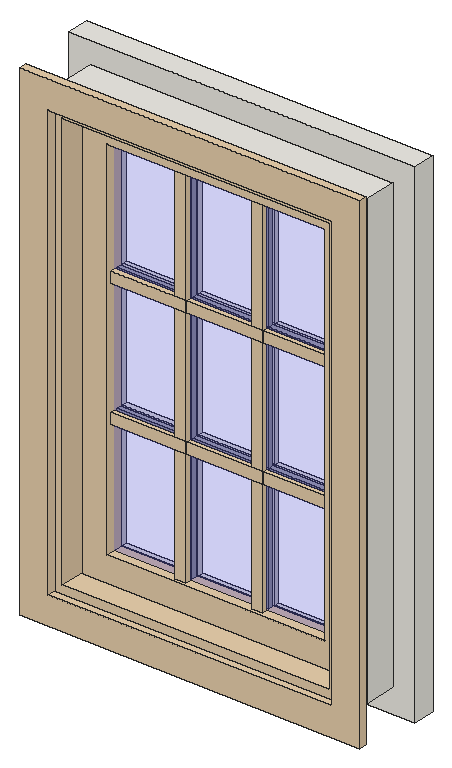
Revit family "Window-Double_Hung_Transom-Andersen-400_Series redo 3", category Windows, host Wall, Revit 2013
Parameters
  Visual Light Transmittance = 0.49  # constant formula
  Thermal Resistance (R) = 0.67802  # 3.8500 (h·ft²·°F)/BTU
  TFL = if(Fractional Lights High > 5, 3, if(or(Fractional Lights High = 4, Fractional Lights High = 5), 2, if(or(Fractional Lights High = 2, Fractional Lights High = 3), 1, 1)))  # 1
  TFB = TFL - 1  # 0
  Solar Heat Gain Coefficient = 0.21  # constant formula
  Learn About These Parameters = "http://www.andersenwindows.com/for-professionals/cad-symbols-bim-support-window-doors/bim-support"
  LWide = if(Enter Pattern Number = 3, 3, if(Enter Pattern Number = 1, . . Lights Wide, Fractional Lights Wide))  # 3
  Heat Transfer Coefficient (U) = 1.4763  # 0.2600 BTU/(h·ft²·°F)
  Glazing Material = Glass ‐ Andersen - Low-E4 SmartSun
  Fractional Lights Wide = 7
  Fractional Lights High = 3
  Exterior Unit Finish = Vinyl - Andersen - White
  Available Grille Bar Sizes = "3/4'', 7/8'', 1 1/8'', 2 1/4''"  # constant formula
  Between Glass Grille Bar Sizes = "3/4'', 1''"  # constant formula
  Interior Casing = yes
  Grille Bar Size = 0' - 0 7/8"
  Enter Pattern Number = 1
  Analytic Construction = "<None>"
  ..Pattern Number 1 = "Colonial"  # constant formula
  . . Lights Wide = 3
  . . Lights High = 3
  ..Pattern Number 2 = "Modified Colonial"  # constant formula
  ..Pattern Number 3 = "Prairie"  # constant formula
  ..Pattern Number 4 = "Short Fractional"  # constant formula
  ..Pattern Number 5 = "Tall Fractional"  # constant formula
  Extension Jamb = yes
  Enter Exterior Trim Number = 1
  ..Exterior Trim Number 0 = "No Exterior Trim"  # constant formula
  ..Exterior Trim Number 1 = "Brick Mould"  # constant formula
  ..Exterior Trim Number 2 = "3 1/2'' Flat Casing"  # constant formula
  ..Exterior Trim Number 3 = "4 1/2'' Flat Casing"  # constant formula
  Interior Grille Bar = yes
  Exterior Grille Bar = yes
  Between Glass Grille Bar = yes
  xjamb Visibility [instance] = and(Wall Depth > 0' 4 9/16", Extension Jamb)  # no
  xjamb S1 [instance] = if(Wall Depth > 0' 4 9/16", Wall Depth - 0' 4 9/16", 0' 3")  # 0' - 3"
  sill nose1 = 0' - 1 13/16"  # constant formula
  sill nose 2 = 0' - 1 15/16"  # constant formula
  casingS2 = if(Enter Exterior Trim Number = 1, 0' 0 3/16", 0' 0 3/16")  # 0' - 0 3/16"
  casingS1 = if(Enter Exterior Trim Number = 1, 0' 0 7/16", 0' 0 3/16")  # 0' - 0 7/16"
  casing4 = if(Enter Exterior Trim Number = 1, 0' 1 3/4", if(Enter Exterior Trim Number = 2, 0' 3 1/4", 0' 4 1/4"))  # 0' - 1 3/4"
  casing3 = 0' - 0 1/2"  # constant formula
  casing2 = 0' - 0 7/8"  # constant formula
  casing1 = 0' - 0 1/4"  # constant formula
  Xjamb 2 = 0' - 0 1/32"
  Xjamb 1 = 0' - 0 23/32"
  Wall Thickness [instance] = 0' - 8"
  Wall Depth [instance] = 0' - 4 9/16"
  Void Offset 2 = if(Enter Exterior Trim Number > 0, 0' 1 15/16", 0' 0")  # 0' - 1 15/16"
  Void Offset 1 = if(Enter Exterior Trim Number > 0, casing4, 0' 0")  # 0' - 1 3/4"
  Void Depth [instance] = if(Wall Thickness > Wall Depth, 0' 1" + Wall Thickness - Wall Depth, 0' 1")  # 0' - 4 7/16"
  VGB DLO = if(Enter Pattern Number = 3, 0' 4", (H DLO - (Grille Bar Size * (V Bars))) / if(LWide > 2, LWide, 3))  # 0' - 5.19792"
  V Bars = if(Enter Pattern Number = 3, 2, if(LWide > 2, LWide - 1, 2))  # 2
  URL = "www.andersenwindows.com"
  Type Comments = "Fibrex clad wood tansom window"
  TS V DLO = Height - HGO - SGO  # 2' - 5 11/32"
  TS V Bar Length = if(or(Enter Pattern Number = 5, Enter Pattern Number = 2), ((((Height - HGO - SGO - (Grille Bar Size * (Fractional Lights High - 1))) / Fractional Lights High)) * TFL) + (TFB * Grille Bar Size), if(Enter Pattern Number = 4, ((Height - HGO - SGO - (Grille Bar Size * (Fractional Lights High - 1))) / Fractional Lights High), Height - HGO - SGO))  # 2' - 5 11/32"
  TS SH DLO = if(or(Enter Pattern Number = 5, Enter Pattern Number = 2), ((((Height - HGO - SGO - (Grille Bar Size * (Fractional Lights High - 1))) / Fractional Lights High)) * TFL) + (TFB * Grille Bar Size) + HGO + (Grille Bar Size / 2), if(Enter Pattern Number = 4, TS V Bar Length + HGO + (Grille Bar Size / 2), (TS V DLO / 2) + HGO))  # 1' - 6"
  TS S V = or(and(LWide = 2, Enter Pattern Number = 1), and(Fractional Lights Wide = 2, or(or(Enter Pattern Number = 2, Enter Pattern Number = 4), Enter Pattern Number = 5)))  # no
  TS S H Craftsman = and(Enter Pattern Number = 2, or(Fractional Lights High = 4, Fractional Lights High = 5))  # no
  TS S H = or(or(or(and(. . Lights High = 2, Enter Pattern Number = 1), and(Enter Pattern Number = 4, Fractional Lights High > 1)), and(Enter Pattern Number = 5, Fractional Lights High > 1)), and(Enter Pattern Number = 2, Fractional Lights High > 1))  # no
  TS M V = LWide > 2  # yes
  TS M H = or(or(Enter Pattern Number = 3, and(. . Lights High > 2, Enter Pattern Number = 1)), and(Enter Pattern Number = 2, Fractional Lights High > 5))  # yes
  TS HGB DLO = if(Enter Pattern Number = 1, if(. . Lights High > 2, ((TS V Bar Length - (Grille Bar Size * (. . Lights High - 1))) / . . Lights High), 0' 4"), if(Enter Pattern Number = 3, 0' 4", if(Fractional Lights High > 2, ((TS V Bar Length - (Grille Bar Size * 2)) / 3), 0' 4")))  # 0' - 9.19792"
  TS H Bars = if(Enter Pattern Number = 3, 2, if(Enter Pattern Number = 1, if(. . Lights High > 2, . . Lights High - 1, 2), 2))  # 2
  SGO = 0' - 3 21/64"  # constant formula
  Rough Width = Width + (Rough Opening Offset * 2)  # 2' - 0 1/2"
  Rough Opening Offset = 0' - 0 1/4"
  Rough Height = Height + (Rough Opening Offset * 2)  # 3' - 0 1/2"
  Product Documentation Link = "http://www.andersenwindows.com/products/series/a-series/"
  Plan Exterior Mask Visibility [instance] = Plan Exterior Mask 2 > 0' 0 1/32"  # yes
  Plan Exterior Mask 2 [instance] = if(Enter Exterior Trim Number > 0, if(Wall Depth + 0' 1 1/16" + casingS1 > Wall Thickness, 0' 0 1/32", Wall Thickness - Wall Depth - 0' 1 1/16" - casingS1), if(Wall Depth + 0' 1 1/16" > Wall Thickness, 0' 0 1/32", Wall Thickness - Wall Depth - 0' 0 1/16"))  # 0' - 1 15/16"
  Plan Exterior Mask [instance] = if(Enter Exterior Trim Number > 0, 0' 1 1/16" + casingS1, 0' 1 1/16")  # 0' - 1 1/2"
  Nail Fin Visibility = Enter Exterior Trim Number = 0  # no
  Model = "A-Series Transom"  # constant formula
  Masonry Width = if(Enter Exterior Trim Number > 0, Width + ((casing4 + Masonry Opening Offset) * 2), Width + (Masonry Opening Offset * 2))  # 2' - 4"
  Masonry Opening Offset = 0' - 0 1/4"
  Masonry Height = if(Enter Exterior Trim Number > 0, Height + (casing4 + Masonry Opening Offset) + (sill nose 2 + Masonry Opening Offset), Height + (Masonry Opening Offset * 2))  # 3' - 4 3/16"
  Manufacturer = "Andersen Corporation"  # constant formula
  JGO = 0' - 3 21/64"  # constant formula
  Interior Trim Visibility = Interior Casing  # yes
  Interior Material = Wood - Andersen - Pine
  Interior Casing Size = 0' - 2 1/4"
  Horizontal Craftsman Bar Size = Grille Bar Size  # 0' - 0 7/8"
  Height = 3' - 0"
  HGO = 0' - 3 21/64"  # constant formula
  H DLO = Width - (JGO * 2)  # 1' - 5 11/32"
  Family Version = "01.01.15"  # constant formula
  Exterior Trim Finish = Fibrex Composite - Andersen - White
  Designation = "ATF6034"
  Description = "Composite-clad wood casement window"  # constant formula
  Default Sill Height = 6' 10 1/2" - Rough Height  # 3' - 10"
  Wall Closure = By host
  Width = 2' - 0"
  Coarse Plan [instance] = if(Wall Depth < Wall Thickness, Wall Depth, Wall Thickness)  # 0' - 4 9/16"
  Casing Visibility = Enter Exterior Trim Number > 0  # yes
  Between Glass Grille Bar Finish = Stainless Steel - Andersen - Standard
  Bar Center Line = if(Enter Pattern Number = 3, 1, 2)  # 2
  Assembly Code = "B2020100"
Reference planes (in)
  plane 1 "Center (Front/Back)": y = 0
  plane 2: z = 0
  plane 3 "Center (Left/Right)": x = 0
  plane 4 "R Frame": x = -12
  plane 5 "L Frame": x = 12
  plane 6 "B Frame": z = 47.4375
  plane 7 "T Frame": z = 83.4375
  plane 8 "L Glazing": x = 8.67187
  plane 9 "L Ext Frame": x = 11.188
  plane 10 "L Stop": x = 8.86182
  plane 11 "L Xjamb 1": x = 11.28125
  plane 12 "L Casing 1": x = 11.75
  plane 13 "L Xjamb 2": x = 11.96875
  plane 14 "L Rough Opening": x = 12.25
  plane 15 "L Casing 2": x = 12.875
  plane 16 "L Casing 3": x = 13.25
  plane 17 "L Casing 4": x = 13.75
  plane 18 "R Glazing": x = -8.67188
  plane 19 "R Ext Frame": x = -11.188
  plane 20 "R Stop": x = -8.86182
  plane 21 "R Xjamb 1": x = -11.28125
  plane 22 "R Casing 1": x = -11.75
  plane 23 "R Xjamb 2": x = -11.96875
  plane 24 "R Rough Opening": x = -12.25
  plane 25 "R Casing 2": x = -12.875
  plane 26 "R Casing 3": x = -13.25
  plane 27 "R Casing 4": x = -13.75
  plane 28 "R Int Casing": x = -13.53125
  plane 29 "T Glazing": z = 80.10937
  plane 30 "T Ext Frame": z = 82.8125
  plane 31 "T Xjamb 1": z = 82.71875
  plane 32 "T Casing 1": z = 83.1875
  plane 33 "T Xjamb 2": z = 83.40625
  plane 34 "T Rough Opening": z = 83.6875
  plane 35 "T Casing 2": z = 84.3125
  plane 36 "T Casing 3": z = 84.6875
  plane 37 "T Casing 4": z = 85.1875
  plane 38 "T Int Casing": z = 84.96875
  plane 39 "B Glazing": z = 50.76562
  plane 40 "B Ext Frame": z = 48.2495
  plane 41 "B Xjamb 2": z = 47.46875
  plane 42 "B Casing 1": z = 47.6875
  plane 43 "B Casing 2": z = 45.5
  plane 44 "B Int Casing": z = 45.90625
  plane 45 "L Int Casing": x = 13.53125
  plane 46 "Casing S1": y = 2.35079
  plane 47 "Casing S2": y = 2.10079
  plane 48 "Frame S1": y = 1.91329
  plane 49 "Flange": y = 0.5625
  plane 50 "Glass1 S1": y = -0.5427
  plane 51 "Glass1 S2": y = -0.6647
  plane 52 "Glass1 S3": y = -1.23013
  plane 53 "Glass1 S4": y = -1.35213
  plane 54 "Sash1 S2": y = -2.04408
  plane 55 "Frame S2": y = -4
  plane 56 "B Xjamb 1": z = 48.15625
  plane 57 "Exterior Offset": y = 5
  plane 58 "Interior Casing": y = -4.625
  plane 59 "Vertical Bar Length": z = 50.76562
  plane 60 "B Rough Opening": z = 47.1875
  plane 61 "R Masonry Opening": x = -14
  plane 62 "L Masonry Opening": x = 14
  plane 63 "T Masonry Opening": z = 85.4375
  plane 64 "B Masonry Opening": z = 45.25
  plane 65 "Xjamb S1": y = -1
  plane 66 "Sash1 S1": y = -0.13183
  plane 67 "R Sash": x = -10.11331
  plane 68 "L Sash": x = 10.11331
  plane 69 "B Sash": z = 49.32627
  plane 70 "T Sash": z = 81.54873
  plane 71 "T Int Frame": z = 82.09958
  plane 72 "B Int Frame": z = 48.77542
  plane 73 "L Int Frame": x = 10.66208
  plane 74 "R Int Frame": x = -10.66208
  plane 75 "T Stop": z = 80.29932
  plane 76 "B Stop": z = 50.57568
Forms (in)
  Extrusion 1, void
    sketch origin (0, 0, 0) x (1, 0, 0) y (0, 0, 1)
      loop
        line (12, 83.4375) -> (-12, 83.4375) -> (-12, 47.4375) -> (12, 47.4375) -> (12, 83.4375)
    from -0.5625 to 4
  Extrusion 2, void
    sketch origin (0, 0, 0) x (1, 0, 0) y (0, 0, 1)
      loop
        line (13.75, 85.1875) -> (-13.75, 85.1875) -> (-13.75, 45.5) -> (13.75, 45.5) -> (13.75, 85.1875)
    from -16 to -0.5625
  Extrusion 3, solid, material "Wood - Andersen - Pine" <- "Interior Material", visible <- "xjamb Visibility", detail levels medium+fine
    sketch origin (0, -2.5625, 0) x (-1, 0, 0) y (0, 0, 1)
      loop
        line (11.96875, 83.40625) -> (-11.96875, 83.40625) -> (-11.96875, 47.46875) -> (11.96875, 47.46875) -> (11.96875, 83.40625)
      loop
        line (11.28125, 82.71875) -> (-11.28125, 82.71875) -> (-11.28125, 48.15625) -> (11.28125, 48.15625) -> (11.28125, 82.71875)
    from 1.5625 to -1.4375
  Extrusion 4, solid, material "Wood - Andersen - Pine" <- "Interior Material", visible <- "Interior Trim Visibility", detail levels fine
    sketch origin (0, -4.625, 0) x (-1, 0, 0) y (0, 0, 1)
      loop
        line (13.53125, 84.96875) -> (-13.53125, 84.96875) -> (-13.53125, 45.90625) -> (13.53125, 45.90625) -> (13.53125, 84.96875)
      loop
        line (11.28125, 82.71875) -> (-11.28125, 82.71875) -> (-11.28125, 48.15625) -> (11.28125, 48.15625) -> (11.28125, 82.71875)
    from 0 to 0.625
  Extrusion 5, solid, material "Fibrex Composite - Andersen - White" <- "Exterior Trim Finish", visible <- "Casing Visibility", detail levels medium+fine
    sketch origin (0, 0, 0) x (0, 1, 0) y (0, 0, 1)
      loop
        line (1.31163, 47.4375) -> (0.5625, 47.4375) -> (0.5625, 45.5) -> (2.375, 45.5) -> (2.375, 47.25) -> (1.31163, 47.4375)
    from -13.75 to 13.75
  Sweep 6, solid, material "Fibrex Composite - Andersen - White" <- "Exterior Trim Finish", visible <- "Casing Visibility", detail levels medium+fine
    path origin (0, 0.5625, 0) x (-1, 0, 0) y (0, 0, 1)
      loop
        line (-13.75, 45.5) -> (-13.75, 85.1875) -> (13.75, 85.1875) -> (13.75, 45.5)
    profile origin (13.75, 0.5625, 65.34375) x (1, 0, 0) y (0, 1, 0)
      loop
        line (-0.875, 1.53829) -> (-2, 1.53829) -> (-2, 0) -> (0, 0) -> (0, 1.78829) -> (-0.5, 1.78829) -> (-0.875, 1.53829)
  Extrusion 7, solid, material "Fibrex Composite - Andersen - White" <- "Exterior Trim Finish", visible <- "Casing Visibility", detail levels coarse
    sketch origin (0, 0.5625, 0) x (-1, 0, 0) y (0, 0, 1)
      loop
        line (-13.75, 85.1875) -> (-13.75, 45.5) -> (13.75, 45.5) -> (13.75, 85.1875) -> (-13.75, 85.1875)
      loop
        line (-11.75, 83.1875) -> (-11.75, 47.4375) -> (11.75, 47.4375) -> (11.75, 83.1875) -> (-11.75, 83.1875)
    from 0 to 1.78829
  Extrusion 8, solid, material "Wood - Andersen - Pine" <- "Interior Material"
    sketch origin (0, -2.04408, 0) x (-1, 0, 0) y (0, 0, 1)
      loop
        line (11.188, 82.8125) -> (-11.188, 82.8125) -> (-11.188, 48.2495) -> (11.188, 48.2495) -> (11.188, 82.8125)
      loop
        line (8.67188, 80.10937) -> (-8.67187, 80.10937) -> (-8.67187, 50.76562) -> (8.67188, 50.76562) -> (8.67188, 80.10937)
    from 0 to 1.50138
  Extrusion 9, solid, material "Vinyl - Andersen - White" <- "Exterior Unit Finish"
    sketch origin (0, 80.71747, 0) x (-1, 0, 0) y (0, 0, 1)
      loop
        line (-8.67187, 80.10937) -> (-8.67187, 50.76562) -> (8.67188, 50.76562) -> (8.67188, 80.10937) -> (-8.67187, 80.10937)
      loop
        line (-11.188, 48.2495) -> (11.188, 48.2495) -> (11.188, 82.8125) -> (-11.188, 82.8125) -> (-11.188, 48.2495)
    from -80.8493 to -81.26017
  Extrusion 10, solid, material "Glass ‐ Andersen - Low-E4 SmartSun" <- "Glazing Material"
    sketch origin (0, -1.35213, 0) x (-1, 0, 0) y (0, 0, 1)
      loop
        line (-8.67187, 80.10937) -> (-8.67187, 50.76562) -> (8.67188, 50.76562) -> (8.67188, 80.10937) -> (-8.67187, 80.10937)
    from 0 to 0.80943
  Extrusion 11, solid, material "Vinyl - Andersen - White" <- "Exterior Unit Finish"
    sketch origin (0, 0, 0) x (1, 0, 0) y (0, 0, 1)
      loop
        line (12, 83.4375) -> (-12, 83.4375) -> (-12, 47.4375) -> (12, 47.4375) -> (12, 83.4375)
      loop
        line (11.188, 82.8125) -> (-11.188, 82.8125) -> (-11.188, 48.2495) -> (11.188, 48.2495) -> (11.188, 82.8125)
    from -1.91329 to 2.04408
  Extrusion 12, solid, material "Wood - Andersen - Pine" <- "Interior Material"
    sketch origin (0, 0, 0) x (1, 0, 0) y (0, 0, 1)
      loop
        line (12, 83.4375) -> (-12, 83.4375) -> (-12, 47.4375) -> (12, 47.4375) -> (12, 83.4375)
      loop
        line (10.66208, 82.09958) -> (-10.66208, 82.09958) -> (-10.66208, 48.77542) -> (10.66208, 48.77542) -> (10.66208, 82.09958)
    from 2.04408 to 4
Cuts and joins
  joined: Extrusion 5, Sweep 6
Lines and regions (in)
  Masking region 1, detail levels medium+fine
    outline origin (0, 0, 47.4375) x (0, -1, 0) y (1, 0, 0)
      loop
        line (-1.91329, -12) -> (4, -12) -> (4, 12) -> (-1.91329, 12) -> (-1.91329, -12)
  Masking region 2, visible <- "Casing Visibility", detail levels medium+fine
    outline origin (0, 0, 47.4375) x (0, -1, 0) y (1, 0, 0)
      loop
        line (-1.91329, -12) -> (-1.91329, 12) -> (-0.5625, 12) -> (-0.5625, 13.75) -> (-2.35079, 13.75) -> (-2.35079, -13.75) -> (-0.5625, -13.75) -> (-0.5625, -12) -> (-1.91329, -12)
  Masking region 3, visible <- "Nail Fin Visibility", detail levels coarse
    outline origin (0, 0, 47.4375) x (0, -1, 0) y (1, 0, 0)
      loop
        line (-5, -12) -> (4, -12) -> (4, 12) -> (-5, 12) -> (-5, -12)
  Masking region 4
    outline origin (0, 0, 0) x (0, 1, 0) y (0, 0, 1)
      loop
        line (1.91329, 83.4375) -> (-4, 83.4375) -> (-4, 47.4375) -> (1.91329, 47.4375) -> (1.91329, 83.4375)
  Masking region 5, visible <- "Casing Visibility"
    outline origin (0, 0, 0) x (0, 1, 0) y (0, 0, 1)
      loop
        line (1.91329, 47.33141) -> (1.91329, 47.4375) -> (0.5625, 47.4375) -> (0.5625, 45.5) -> (2.375, 45.5) -> (2.375, 47.25) -> (1.91329, 47.33141)
  Masking region 6, visible <- "Casing Visibility"
    outline origin (0, 0, 0) x (0, 1, 0) y (0, 0, 1)
      loop
        line (1.91329, 83.4375) -> (1.91329, 47.33141) -> (2.35079, 47.25427) -> (2.35079, 85.1875) -> (0.5625, 85.1875) -> (0.5625, 83.4375) -> (1.91329, 83.4375)
  Masking region 7, visible <- "Casing Visibility"
    outline origin (0, 1.91329, 0) x (-1, 0, 0) y (0, 0, 1)
      loop
        line (-13.75, 85.1875) -> (-13.75, 45.5) -> (13.75, 45.5) -> (13.75, 85.1875) -> (-13.75, 85.1875)
  Masking region 8
    outline origin (0, 1.91329, 0) x (-1, 0, 0) y (0, 0, 1)
      loop
        line (-12, 83.4375) -> (-12, 47.4375) -> (12, 47.4375) -> (12, 83.4375) -> (-12, 83.4375)
  Masking region 9
    outline origin (0, -4, 0) x (-1, 0, 0) y (0, 0, 1)
      loop
        line (12, 83.4375) -> (-12, 83.4375) -> (-12, 47.4375) -> (12, 47.4375) -> (12, 83.4375)
  Masking region 10, visible <- "Interior Trim Visibility", detail levels fine
    outline origin (0, -4.625, 0) x (-1, 0, 0) y (0, 0, 1)
      loop
        line (13.53125, 84.96875) -> (-13.53125, 84.96875) -> (-13.53125, 45.90625) -> (13.53125, 45.90625) -> (13.53125, 84.96875)
      loop
        line (11.28125, 82.71875) -> (-11.28125, 82.71875) -> (-11.28125, 48.15625) -> (11.28125, 48.15625) -> (11.28125, 82.71875)
  Masking region 11, visible <- "Casing Visibility", detail levels coarse
    outline origin (0, 0, 47.4375) x (0, -1, 0) y (1, 0, 0)
      loop
        line (-5, -13.75) -> (-0.5625, -13.75) -> (-0.5625, -12) -> (4, -12) -> (4, 12) -> (-0.5625, 12) -> (-0.5625, 13.75) -> (-5, 13.75) -> (-5, -13.75)
  Masking region 12, visible <- "xjamb Visibility", detail levels medium+fine
    outline origin (0, 0, 0) x (0, 1, 0) y (0, 0, 1)
      loop
        line (-1, 83.40625) -> (-4, 83.40625) -> (-4, 47.46875) -> (-1, 47.46875) -> (-1, 83.40625)
  Masking region 13, visible <- "Interior Trim Visibility", detail levels fine
    outline origin (0, 0, 0) x (0, 1, 0) y (0, 0, 1)
      loop
        line (-4, 84.96875) -> (-4.625, 84.96875) -> (-4.625, 45.90625) -> (-4, 45.90625) -> (-4, 84.96875)
  Masking region 14, visible <- "xjamb Visibility", detail levels medium+fine
    outline origin (0, 0, 47.4375) x (0, -1, 0) y (1, 0, 0)
      loop
        line (1, -11.96875) -> (4, -11.96875) -> (4, 11.96875) -> (1, 11.96875) -> (1, -11.96875)
  Masking region 15, visible <- "Interior Trim Visibility", detail levels fine
    outline origin (0, 0, 47.4375) x (0, -1, 0) y (1, 0, 0)
      loop
        line (4, -13.53125) -> (4.625, -13.53125) -> (4.625, 13.53125) -> (4, 13.53125) -> (4, -13.53125)
  symbolic lines, style "WindowsFrameMullionProjection", visible <- "Casing Visibility", detail levels fine
    curve 1: line (13.25, 2.35079, 47.4375) -> (12.875, 2.10079, 47.4375)
    curve 2: line (12.875, 2.10079, 47.4375) -> (11.75, 2.10079, 47.4375)
    curve 3: line (11.75, 2.10079, 47.4375) -> (11.75, 1.91329, 47.4375)
    curve 4: line (-13.25, 2.35079, 47.4375) -> (-12.875, 2.10079, 47.4375)
    curve 5: line (-12.875, 2.10079, 47.4375) -> (-11.75, 2.10079, 47.4375)
    curve 6: line (-11.75, 2.10079, 47.4375) -> (-11.75, 1.91329, 47.4375)
  symbolic lines, style "WindowsGlassProjection", detail levels medium+fine
    curve 7: line (-8.67188, -0.5427, 47.4375) -> (8.67187, -0.5427, 47.4375)
    curve 10: line (-8.67188, -1.35213, 47.4375) -> (8.67187, -1.35213, 47.4375)
  symbolic lines, style "WindowsGlassProjection", detail levels fine
    curve 8: line (-8.67188, -0.6647, 47.4375) -> (8.67187, -0.6647, 47.4375)
    curve 9: line (-8.67188, -1.23013, 47.4375) -> (8.67187, -1.23013, 47.4375)
    curve 27: line (0, -0.6647, 80.10937) -> (0, -0.6647, 50.76562)
    curve 28: line (0, -1.23013, 80.10937) -> (0, -1.23013, 50.76562)
    curve 82: line (-9.66899, -0.6647, 46.25) -> (-8.671, -0.6647, 46.25)
    curve 83: line (-9.33899, -0.6647, 46.25) -> (-9.33899, -1.23013, 46.25)
    curve 84: line (-8.671, -1.23013, 46.25) -> (-9.66899, -1.23013, 46.25)
    curve 122: line (9.66899, -0.6647, 46.25) -> (8.671, -0.6647, 46.25)
    curve 123: line (9.33899, -0.6647, 46.25) -> (9.33899, -1.23013, 46.25)
    curve 124: line (8.671, -1.23013, 46.25) -> (9.66899, -1.23013, 46.25)
    curve 133: line (0, -0.6647, 49.76851) -> (0, -0.6647, 50.7665)
    curve 134: line (0, -0.6647, 50.09851) -> (0, -1.23013, 50.09851)
    curve 135: line (0, -1.23013, 50.7665) -> (0, -1.23013, 49.76851)
    curve 153: line (0, -0.6647, 81.10649) -> (0, -0.6647, 80.1085)
    curve 154: line (0, -0.6647, 80.77649) -> (0, -1.23013, 80.77649)
    curve 155: line (0, -1.23013, 80.1085) -> (0, -1.23013, 81.10649)
  symbolic lines, style "WindowsFrameMullionProjection", detail levels medium
    curve 11: line (-10.11331, -0.13183, 47.4375) -> (-8.67188, -0.13183, 47.4375)
    curve 12: line (-8.67188, -0.13183, 47.4375) -> (-8.67188, -2.04408, 47.4375)
    curve 13: line (-8.67188, -2.04408, 47.4375) -> (-10.66208, -2.04408, 47.4375)
    curve 14: line (-10.11331, 1.91329, 47.4375) -> (-10.11331, -0.13183, 47.4375)
    curve 15: line (10.11331, -0.13183, 47.4375) -> (8.67187, -0.13183, 47.4375)
    curve 16: line (8.67187, -0.13183, 47.4375) -> (8.67187, -2.04408, 47.4375)
    curve 17: line (8.67187, -2.04408, 47.4375) -> (10.66208, -2.04408, 47.4375)
    curve 18: line (10.11331, 1.91329, 47.4375) -> (10.11331, -0.13183, 47.4375)
    curve 125: line (-10.66208, -2.04408, 47.4375) -> (-10.66208, -4, 47.4375)
    curve 126: line (10.66208, -2.04408, 47.4375) -> (10.66208, -1, 47.4375)
  symbolic lines, style "WindowsFrameMullionProjection", detail levels coarse
    curve 19: line (-8.86182, -4, 47.4375) -> (-8.86182, 5, 47.4375)
    curve 20: line (8.86182, -4, 47.4375) -> (8.86182, 5, 47.4375)
  symbolic lines, style "WindowsGlassProjection", detail levels coarse
    curve 21: line (-8.86182, 0, 47.4375) -> (8.86182, 0, 47.4375)
    curve 22: line (-8.86182, 1, 47.4375) -> (8.86182, 1, 47.4375)
  symbolic lines, style "WindowsFrameMullionProjection", visible <- "Casing Visibility"
    curve 23: line (0, 2.10079, 87.1875) -> (0, 2.10079, 86.8125)
    curve 24: line (0, 2.10079, 86.8125) -> (0, 2.10079, 83.1875)
    curve 25: line (0, 2.10079, 83.1875) -> (0, 1.91329, 83.1875)
    curve 58: line (0, 2.10079, 87.6875) -> (0, 0.5625, 87.6875)
    curve 59: line (0, 2.10079, 45.5) -> (0, 0.5625, 45.5)
  symbolic lines, style "WindowsGlassProjection"
    curve 26: line (0, -0.5427, 80.10937) -> (0, -0.5427, 50.76562)
    curve 29: line (0, -1.35213, 80.10937) -> (0, -1.35213, 50.76562)
  symbolic lines, style "WindowsFrameMullionProjection", detail levels medium+fine
    curve 30: line (10.11331, 1.91329, 81.54873) -> (-10.11331, 1.91329, 81.54873)
    curve 31: line (10.11331, 1.91329, 49.32627) -> (10.11331, 1.91329, 81.54873)
    curve 32: line (-10.11331, 1.91329, 49.32627) -> (10.11331, 1.91329, 49.32627)
    curve 33: line (-10.11331, 1.91329, 81.54873) -> (-10.11331, 1.91329, 49.32627)
    curve 38: line (-8.86182, -4, 80.29932) -> (8.86182, -4, 80.29932)
    curve 39: line (-8.86182, -4, 50.57568) -> (-8.86182, -4, 80.29932)
    curve 40: line (8.86182, -4, 50.57568) -> (-8.86182, -4, 50.57568)
    curve 41: line (8.86182, -4, 80.29932) -> (8.86182, -4, 50.57568)
    curve 45: line (-10.66208, -4, 82.09958) -> (10.66208, -4, 82.09958)
    curve 46: line (-10.66208, -4, 48.77542) -> (-10.66208, -4, 82.09958)
    curve 47: line (10.66208, -4, 48.77542) -> (-10.66208, -4, 48.77542)
    curve 48: line (10.66208, -4, 82.09958) -> (10.66208, -4, 48.77542)
    curve 61: line (-12, 0.5625, 46.25) -> (-13.625, 0.5625, 46.25)
    curve 63: line (12, 0.5625, 46.25) -> (13.625, 0.5625, 46.25)
  symbolic lines, style "WindowsFrameMullionProjection"
    curve 34: line (8.67187, 0, 80.10937) -> (-8.67188, 0, 80.10937)
    curve 35: line (8.67187, 0, 50.76562) -> (8.67187, 0, 80.10937)
    curve 36: line (-8.67188, 0, 80.10937) -> (-8.67188, 0, 50.76562)
    curve 37: line (-8.67188, 0, 50.76562) -> (8.67187, 0, 50.76562)
    curve 127: line (0, -1.35213, 50.7665) -> (0, -1.42136, 50.7665)
    curve 128: line (0, -1.42136, 50.7665) -> (0, -1.88008, 50.57568)
    curve 129: line (0, -1.88008, 50.57568) -> (0, -2.04408, 50.57568)
    curve 130: line (0, -2.04408, 50.57568) -> (0, -2.04408, 48.77542)
    curve 131: line (0, -2.04408, 48.77542) -> (0, -3.6952, 48.77542)
    curve 132: line (0, -3.6952, 48.77542) -> (0, -4, 48.53342)
    curve 136: line (0, -0.5427, 50.7665) -> (0, -0.5427, 49.76851)
    curve 137: line (0, -0.5427, 49.76851) -> (0, -1.35213, 49.76851)
    curve 138: line (0, -1.35213, 49.76851) -> (0, -1.35213, 50.7665)
    curve 139: line (0, -0.5427, 50.7665) -> (0, -0.49408, 50.7665)
    curve 140: line (0, -0.49408, 50.7665) -> (0, -0.13183, 50.55735)
    curve 141: line (0, 1.08001, 48.53372) -> (0, 1.10487, 48.2495)
    curve 142: line (0, 1.08001, 48.53372) -> (0, 0.28287, 48.8515)
    curve 143: line (0, -0.13183, 50.55735) -> (0, -0.13183, 49.32627)
    curve 144: line (0, -0.13183, 49.32627) -> (0, 0.25081, 49.23793)
    curve 145: line (0, 0.25081, 49.23793) -> (0, 0.28287, 48.8515)
    curve 146: line (0, 1.10487, 48.2495) -> (0, 1.91329, 48.2495)
    curve 147: line (0, -1.35213, 80.1085) -> (0, -1.42136, 80.1085)
    curve 148: line (0, -1.42136, 80.1085) -> (0, -1.88008, 80.29932)
    curve 149: line (0, -1.88008, 80.29932) -> (0, -2.04408, 80.29932)
    curve 150: line (0, -2.04408, 80.29932) -> (0, -2.04408, 82.09958)
    curve 151: line (0, -2.04408, 82.09958) -> (0, -3.6952, 82.09958)
    curve 152: line (0, -3.6952, 82.09958) -> (0, -4, 82.34158)
    curve 156: line (0, -0.5427, 80.1085) -> (0, -0.5427, 81.10649)
    curve 157: line (0, -0.5427, 81.10649) -> (0, -1.35213, 81.10649)
    curve 158: line (0, -1.35213, 81.10649) -> (0, -1.35213, 80.1085)
    curve 159: line (0, -0.5427, 80.1085) -> (0, -0.49408, 80.1085)
    curve 160: line (0, -0.49408, 80.1085) -> (0, -0.13183, 80.31765)
    curve 161: line (0, 1.08001, 82.34128) -> (0, 1.10487, 82.6255)
    curve 162: line (0, 1.08001, 82.34128) -> (0, 0.28287, 82.0235)
    curve 163: line (0, -0.13183, 80.31765) -> (0, -0.13183, 81.54873)
    curve 164: line (0, -0.13183, 81.54873) -> (0, 0.25081, 81.63707)
    curve 165: line (0, 0.25081, 81.63707) -> (0, 0.28287, 82.0235)
    curve 166: line (0, 1.10487, 82.6255) -> (0, 1.91329, 82.6255)
  symbolic lines, style "WindowsFrameMullionProjection", visible <- "Casing Visibility", detail levels medium
    curve 42: line (-12, 1.91329, 47.4375) -> (-12, 2.35079, 47.4375)
    curve 43: line (12, 2.35079, 47.4375) -> (12, 1.91329, 47.4375)
  symbolic lines, style "WindowsFrameMullionProjection", visible <- "Nail Fin Visibility"
    curve 44: line (0, 0.5625, 85.0625) -> (0, 0.5625, 83.4375)
    curve 64: line (0, 0.5625, 45.8125) -> (0, 0.5625, 47.4375)
  symbolic lines, style "InvisibleLines", detail levels coarse
    curve 49: line (-12, -4, 0) -> (12.02356, -4, 0)
  symbolic lines, style "WindowsFrameMullionProjection", visible <- "xjamb Visibility", detail levels medium+fine
    curve 50: line (0, -1, 82.71875) -> (0, -4, 82.71875)
    curve 52: line (0, -1, 48.15625) -> (0, -4, 48.15625)
    curve 54: line (-11.28125, -1, 47.4375) -> (-11.28125, -4, 47.4375)
    curve 56: line (11.28125, -1, 47.4375) -> (11.28125, -4, 47.4375)
  symbolic lines, style "WindowsFrameMullionProjection", visible <- "Interior Trim Visibility", detail levels fine
    curve 51: line (0, -4, 82.71875) -> (0, -4.625, 82.71875)
    curve 53: line (0, -4, 48.15625) -> (0, -4.625, 48.15625)
    curve 55: line (-11.28125, -4, 47.4375) -> (-11.28125, -4.625, 47.4375)
    curve 57: line (11.28125, -4, 47.4375) -> (11.28125, -4.625, 47.4375)
  symbolic lines, style "WindowsFrameMullionProjection", visible <- "Nail Fin Visibility", not visible
    curve 60: line (0, 1.5625, 83.875) -> (0, 1.5625, 82.25)
  symbolic lines, style "WindowsFrameMullionProjection", not visible, detail levels medium+fine
    curve 62: line (-50.76757, 132.96841, 46.25) -> (-52.39257, 132.96841, 46.25)
  symbolic lines, style "WindowsFrameMullionProjection", detail levels fine
    curve 65: line (-11.188, 1.91329, 0) -> (-11.188, 1.10487, 0)
    curve 66: line (-11.188, 1.10487, 0) -> (-10.90442, 1.08006, 0)
    curve 67: line (-10.90442, 1.08006, 0) -> (-10.586, 0.28287, 0)
    curve 68: line (-10.586, 0.28287, 0) -> (-10.20128, 0.24921, 0)
    curve 69: line (-10.20128, 0.24921, 0) -> (-10.11331, -0.13183, 0)
    curve 70: line (-10.11331, -0.13183, 0) -> (-8.88027, -0.13183, 0)
    curve 71: line (-8.88027, -0.13183, 0) -> (-8.671, -0.49408, 0)
    curve 72: line (-8.671, -0.49408, 0) -> (-8.671, -0.5427, 0)
    curve 73: line (-8.671, -0.5427, 0) -> (-9.66899, -0.5427, 0)
    curve 74: line (-9.66899, -0.5427, 0) -> (-9.66899, -1.35213, 0)
    curve 75: line (-9.66899, -1.35213, 0) -> (-8.671, -1.35213, 0)
    curve 76: line (-8.671, -1.35213, 0) -> (-8.671, -1.42136, 0)
    curve 77: line (-8.671, -1.42136, 0) -> (-8.86182, -1.88008, 0)
    curve 78: line (-8.86182, -1.88008, 0) -> (-8.86182, -2.04408, 0)
    curve 79: line (-8.86182, -2.04408, 0) -> (-10.66208, -2.04408, 0)
    curve 80: line (-10.66208, -2.04408, 0) -> (-10.66208, -3.6952, 0)
    curve 81: line (-10.66208, -3.6952, 0) -> (-10.90408, -4, 0)
    curve 105: line (11.188, 1.91329, 0) -> (11.188, 1.10487, 0)
    curve 106: line (11.188, 1.10487, 0) -> (10.90442, 1.08006, 0)
    curve 107: line (10.90442, 1.08006, 0) -> (10.586, 0.28287, 0)
    curve 108: line (10.586, 0.28287, 0) -> (10.20128, 0.24921, 0)
    curve 109: line (10.20128, 0.24921, 0) -> (10.11331, -0.13183, 0)
    curve 110: line (10.11331, -0.13183, 0) -> (8.88027, -0.13183, 0)
    curve 111: line (8.88027, -0.13183, 0) -> (8.671, -0.49408, 0)
    curve 112: line (8.671, -0.49408, 0) -> (8.671, -0.5427, 0)
    curve 113: line (8.671, -0.5427, 0) -> (9.66899, -0.5427, 0)
    curve 114: line (9.66899, -0.5427, 0) -> (9.66899, -1.35213, 0)
    curve 115: line (9.66899, -1.35213, 0) -> (8.671, -1.35213, 0)
    curve 116: line (8.671, -1.35213, 0) -> (8.671, -1.42136, 0)
    curve 117: line (8.671, -1.42136, 0) -> (8.86182, -1.88008, 0)
    curve 118: line (8.86182, -1.88008, 0) -> (8.86182, -2.04408, 0)
    curve 119: line (8.86182, -2.04408, 0) -> (10.66208, -2.04408, 0)
    curve 120: line (10.66208, -2.04408, 0) -> (10.66208, -3.6952, 0)
    curve 121: line (10.66208, -3.6952, 0) -> (10.90408, -4, 0)
  symbolic lines, style "WindowsFrameMullionProjection", not visible, detail levels fine
    curve 85: line (-49.95557, 134.3192, 0) -> (-49.95557, 133.51078, 0)
    curve 86: line (-49.95557, 133.51078, 0) -> (-49.672, 133.48597, 0)
    curve 87: line (-49.672, 133.48597, 0) -> (-49.35357, 132.68878, 0)
    curve 88: line (-49.35357, 132.68878, 0) -> (-48.96886, 132.65512, 0)
    curve 89: line (-48.96886, 132.65512, 0) -> (-48.88088, 132.27408, 0)
    curve 90: line (-48.88088, 132.27408, 0) -> (-47.64784, 132.27408, 0)
    curve 91: line (-47.64784, 132.27408, 0) -> (-47.43857, 131.91183, 0)
    curve 92: line (-47.43857, 131.91183, 0) -> (-47.43857, 131.86321, 0)
    curve 93: line (-47.43857, 131.86321, 0) -> (-48.43656, 131.86321, 0)
    curve 94: line (-48.43656, 131.86321, 0) -> (-48.43656, 131.05378, 0)
    curve 95: line (-48.43656, 131.05378, 0) -> (-47.43857, 131.05378, 0)
    curve 96: line (-47.43857, 131.05378, 0) -> (-47.43857, 130.98455, 0)
    curve 97: line (-47.43857, 130.98455, 0) -> (-47.62939, 130.52583, 0)
    curve 98: line (-47.62939, 130.52583, 0) -> (-47.62939, 130.36183, 0)
    curve 99: line (-47.62939, 130.36183, 0) -> (-49.42965, 130.36183, 0)
    curve 100: line (-49.42965, 130.36183, 0) -> (-49.42965, 128.71071, 0)
    curve 101: line (-49.42965, 128.71071, 0) -> (-49.67165, 128.40591, 0)
  symbolic lines, style "WindowsGlassProjection", not visible, detail levels fine
    curve 102: line (-48.43656, 131.74121, 46.25) -> (-47.43857, 131.74121, 46.25)
    curve 103: line (-48.10656, 131.74121, 46.25) -> (-48.10656, 131.17578, 46.25)
    curve 104: line (-47.43857, 131.17578, 46.25) -> (-48.43656, 131.17578, 46.25)
    curve 173: line (0, 0.3353, 79.91899) -> (0, 0.3353, 78.921)
    curve 174: line (0, 0.3353, 79.58899) -> (0, -0.23013, 79.58899)
    curve 175: line (0, -0.23013, 78.921) -> (0, -0.23013, 79.91899)
  symbolic lines, style "WindowsFrameMullionProjection", not visible
    curve 167: line (0, -0.35213, 78.921) -> (0, -0.42136, 78.921)
    curve 168: line (0, -0.42136, 78.921) -> (0, -0.88008, 79.11182)
    curve 169: line (0, -0.88008, 79.11182) -> (0, -1.04408, 79.11182)
    curve 170: line (0, -1.04408, 79.11182) -> (0, -1.04408, 80.91208)
    curve 171: line (0, -1.04408, 80.91208) -> (0, -2.6952, 80.91208)
    curve 172: line (0, -2.6952, 80.91208) -> (0, -3, 81.15408)
    curve 176: line (0, 0.4573, 78.921) -> (0, 0.4573, 79.91899)
    curve 177: line (0, 0.4573, 79.91899) -> (0, -0.35213, 79.91899)
    curve 178: line (0, -0.35213, 79.91899) -> (0, -0.35213, 78.921)
    curve 179: line (0, 0.4573, 78.921) -> (0, 0.50592, 78.921)
    curve 180: line (0, 0.50592, 78.921) -> (0, 0.86817, 79.13015)
    curve 181: line (0, 2.08001, 81.15378) -> (0, 2.10487, 81.438)
    curve 182: line (0, 2.08001, 81.15378) -> (0, 1.28287, 80.836)
    curve 183: line (0, 0.86817, 79.13015) -> (0, 0.86817, 80.36123)
    curve 184: line (0, 0.86817, 80.36123) -> (0, 1.25081, 80.44957)
    curve 185: line (0, 1.25081, 80.44957) -> (0, 1.28287, 80.836)
    curve 186: line (0, 2.10487, 81.438) -> (0, 2.91329, 81.438)
Text (in)
  text "EXTERIOR" at (-58.6888, 50.90694, 0), in view "Ref. Level"
  text "INTERIOR" at (-58.6888, -37.76638, 0), in view "Ref. Level"
  text "Exterior" at (0, 43.65631, 123.19604), in view "Left"
  text "Exterior" at (0, 18.29385, 125.04747), in view "Right"
Dimensions and locks (in)
  equal spacing: plane 4 "R Frame", plane 3 "Center (Left/Right)", plane 5 "L Frame"
  "Width": plane 4 "R Frame" to plane 5 "L Frame"
  "Height": plane 6 "B Frame" to plane 7 "T Frame"
  plane 48 "Frame S1" to plane 49 "Flange" = 0' - 1.35079"
  plane 49 "Flange" to plane 50 "Glass1 S1" = 0' - 1.1052"
  plane 49 "Flange" to plane 51 "Glass1 S2" = 0' - 1.2272"
  plane 49 "Flange" to plane 52 "Glass1 S3" = 0' - 1.79263"
  plane 49 "Flange" to plane 53 "Glass1 S4" = 0' - 1.91463"
  plane 49 "Flange" to plane 54 "Sash1 S2" = 0' - 2.60658"
  "casingS2": plane 47 "Casing S2" to plane 48 "Frame S1"
  "casingS1": plane 46 "Casing S1" to plane 48 "Frame S1"
  "Xjamb 2": plane 33 "T Xjamb 2" to plane 7 "T Frame"
  "casing1": plane 32 "T Casing 1" to plane 7 "T Frame"
  "Xjamb 1": plane 31 "T Xjamb 1" to plane 7 "T Frame"
  locked: plane 30 "T Ext Frame" to plane 7 "T Frame" at 0.625
  "HGO": plane 29 "T Glazing" to plane 7 "T Frame"
  "Rough Opening Offset": plane 7 "T Frame" to plane 34 "T Rough Opening"
  "casing4": plane 7 "T Frame" to plane 37 "T Casing 4"
  "Xjamb 2": plane 6 "B Frame" to plane 41 "B Xjamb 2"
  locked: plane 6 "B Frame" to plane 42 "B Casing 1" at 0.25
  "Xjamb 1": plane 6 "B Frame" to plane 56 "B Xjamb 1"
  locked: plane 6 "B Frame" to plane 40 "B Ext Frame" at 0.812
  "SGO": plane 6 "B Frame" to plane 39 "B Glazing"
  "sill nose 2": plane 43 "B Casing 2" to plane 6 "B Frame"
  "casing4": plane 5 "L Frame" to plane 17 "L Casing 4"
  "casing4": plane 27 "R Casing 4" to plane 4 "R Frame"
  "casing3": plane 36 "T Casing 3" to plane 37 "T Casing 4"
  "casing2": plane 35 "T Casing 2" to plane 37 "T Casing 4"
  "casing3": plane 27 "R Casing 4" to plane 26 "R Casing 3"
  "casing2": plane 27 "R Casing 4" to plane 25 "R Casing 2"
  "casing1": plane 4 "R Frame" to plane 22 "R Casing 1"
  "casing1": plane 12 "L Casing 1" to plane 5 "L Frame"
  "casing3": plane 16 "L Casing 3" to plane 17 "L Casing 4"
  "casing2": plane 15 "L Casing 2" to plane 17 "L Casing 4"
  locked: plane 57 "Exterior Offset" to host wall at 1
  "Void Offset 1": plane 7 "T Frame" to Extrusion 2 sketch curve
  "Void Offset 1": Extrusion 2 sketch curve to plane 4 "R Frame"
  "Void Offset 1": plane 5 "L Frame" to Extrusion 2 sketch curve
  "Void Offset 2": Extrusion 2 sketch curve to plane 6 "B Frame"
  "Interior Casing Size": plane 28 "R Int Casing" to plane 21 "R Xjamb 1"
  "Interior Casing Size": plane 11 "L Xjamb 1" to plane 45 "L Int Casing"
  "Interior Casing Size": plane 31 "T Xjamb 1" to plane 38 "T Int Casing"
  "Interior Casing Size": plane 44 "B Int Casing" to plane 56 "B Xjamb 1"
  "Xjamb 1": plane 4 "R Frame" to plane 21 "R Xjamb 1"
  locked: plane 4 "R Frame" to plane 20 "R Stop" at 3.13818
  locked: plane 4 "R Frame" to plane 19 "R Ext Frame" at 0.812
  "JGO": plane 4 "R Frame" to plane 18 "R Glazing"
  locked: plane 10 "L Stop" to plane 5 "L Frame" at 3.13818
  locked: plane 9 "L Ext Frame" to plane 5 "L Frame" at 0.812
  "JGO": plane 8 "L Glazing" to plane 5 "L Frame"
  "Xjamb 1": plane 11 "L Xjamb 1" to plane 5 "L Frame"
  "Wall Thickness": host wall to host wall
  locked: plane 1 "Center (Front/Back)" to curve 22 at 1
  "sill nose1": Masking region 5 sketch curve to plane 49 "Flange"
  level to plane 7 "T Frame" = 6' - 11 7/16"
  "TS SH DLO": nested 2 to plane 7 "T Frame"
  "VGB DLO": nested 3 to plane 8 "L Glazing"
  group 2 to group 1 = 0' - 6.07292"
  group 1 to group 2 = 0' - 0"  (x2)
  "VGB DLO": plane 18 "R Glazing" to nested 5
  group 3 to group 4 = 0' - 0"  (x2)
  group 3 to group 4 = 0' - 10.07292"
  "TS HGB DLO": nested 6 to plane 29 "T Glazing"
  "TS HGB DLO": plane 59 "Vertical Bar Length" to nested 4
  "TS V Bar Length": plane 59 "Vertical Bar Length" to plane 29 "T Glazing"
  equal spacing: plane 59 "Vertical Bar Length", nested 7, plane 29 "T Glazing"
  "Rough Opening Offset": plane 60 "B Rough Opening" to plane 6 "B Frame"
  "Masonry Opening Offset": plane 61 "R Masonry Opening" to plane 27 "R Casing 4"
  "Masonry Opening Offset": plane 17 "L Casing 4" to plane 62 "L Masonry Opening"
  "Masonry Opening Offset": plane 37 "T Casing 4" to plane 63 "T Masonry Opening"
  "Masonry Opening Offset": plane 64 "B Masonry Opening" to plane 43 "B Casing 2"
  "sill nose1": Extrusion 5 sketch curve to plane 49 "Flange"
  "Void Depth": plane 57 "Exterior Offset" to Extrusion 2
  "Wall Depth": host wall to plane 49 "Flange"
  "Void Depth": plane 57 "Exterior Offset" to Masking region 11 sketch curve  (x2)
  locked: plane 58 "Interior Casing" to host wall at 0.625
  locked: Extrusion 2 to host wall at 12
  "Rough Opening Offset": plane 24 "R Rough Opening" to plane 4 "R Frame"
  "Rough Opening Offset": plane 5 "L Frame" to plane 14 "L Rough Opening"
  "Xjamb 2": plane 13 "L Xjamb 2" to plane 5 "L Frame"
  "Xjamb 2": plane 4 "R Frame" to plane 23 "R Xjamb 2"
  plane 49 "Flange" to plane 66 "Sash1 S1" = 0' - 0.69433"
  locked: plane 4 "R Frame" to plane 67 "R Sash" at 1.88669
  locked: plane 68 "L Sash" to plane 5 "L Frame" at 1.88669
  locked: plane 6 "B Frame" to plane 69 "B Sash" at 1.88877
  locked: plane 70 "T Sash" to plane 7 "T Frame" at 1.88877
  locked: plane 71 "T Int Frame" to plane 7 "T Frame" at 1.33792
  locked: plane 6 "B Frame" to plane 72 "B Int Frame" at 1.33792
  locked: plane 73 "L Int Frame" to plane 5 "L Frame" at 1.33792
  locked: plane 4 "R Frame" to plane 74 "R Int Frame" at 1.33792
  "xjamb S1": host wall to plane 65 "Xjamb S1"
  locked: plane 75 "T Stop" to plane 7 "T Frame" at 3.13818
  locked: plane 6 "B Frame" to plane 76 "B Stop" at 3.13818
  locked: Masking region 5 sketch curve to plane 6 "B Frame" at 0.1875
  locked: Extrusion 5 sketch curve to plane 6 "B Frame" at 0.1875
  locked: plane 49 "Flange" to plane 55 "Frame S2" at 4.5625
  locked: plane 42 "B Casing 1" to Masking region 5 sketch curve (angle 10.00°)
  locked: plane 42 "B Casing 1" to Masking region 6 sketch curve (angle 10.00°)
  locked: plane 42 "B Casing 1" to Extrusion 5 sketch curve (angle 10.00°)
  aligned and locked: level to plane 2
  aligned and locked: plane 7 "T Frame" to Extrusion 1 sketch curve
  aligned and locked: plane 5 "L Frame" to Extrusion 1 sketch curve
  aligned and locked: Extrusion 1 sketch curve to plane 4 "R Frame"
  aligned and locked: Extrusion 1 sketch curve to plane 6 "B Frame"
  aligned and locked: host wall to Extrusion 1
  aligned and locked: plane 49 "Flange" to Extrusion 1
  aligned and locked: Masking region 1 sketch curve to plane 48 "Frame S1"
  aligned and locked: Masking region 1 sketch curve to plane 4 "R Frame"
  aligned and locked: plane 5 "L Frame" to Masking region 1 sketch curve
  aligned and locked: plane 49 "Flange" to Masking region 2 sketch curve  (x2)
  aligned and locked: plane 4 "R Frame" to Masking region 2 sketch curve
  aligned and locked: plane 48 "Frame S1" to Masking region 2 sketch curve
  aligned and locked: Masking region 2 sketch curve to plane 5 "L Frame"
  aligned and locked: plane 17 "L Casing 4" to Masking region 2 sketch curve
  aligned and locked: Masking region 2 sketch curve to plane 46 "Casing S1"
  aligned and locked: plane 48 "Frame S1" to curve 3
  aligned and locked: Masking region 2 sketch curve to plane 27 "R Casing 4"
  aligned and locked: plane 18 "R Glazing" to curve 8
  aligned and locked: plane 8 "L Glazing" to curve 8
  aligned and locked: curve 7 to plane 50 "Glass1 S1"
  aligned and locked: curve 8 to plane 51 "Glass1 S2"
  aligned and locked: curve 9 to plane 52 "Glass1 S3"
  aligned and locked: curve 10 to plane 53 "Glass1 S4"
  aligned and locked: plane 18 "R Glazing" to curve 12
  aligned and locked: plane 48 "Frame S1" to curve 18
  aligned and locked: curve 17 to plane 54 "Sash1 S2"
  aligned and locked: plane 8 "L Glazing" to curve 16
  aligned and locked: Masking region 3 sketch curve to plane 4 "R Frame"
  aligned and locked: plane 5 "L Frame" to Masking region 3 sketch curve
  aligned and locked: Masking region 3 sketch curve to plane 57 "Exterior Offset"
  aligned and locked: plane 57 "Exterior Offset" to curve 19
  aligned and locked: plane 57 "Exterior Offset" to curve 20
  aligned and locked: host wall to curve 21
  aligned and locked: plane 7 "T Frame" to Masking region 4 sketch curve
  aligned and locked: Masking region 4 sketch curve to plane 6 "B Frame"
  aligned and locked: Masking region 4 sketch curve to plane 48 "Frame S1"
  aligned and locked: plane 48 "Frame S1" to Masking region 5 sketch curve
  aligned and locked: Masking region 5 sketch curve to plane 48 "Frame S1"
  aligned and locked: Masking region 5 sketch curve to plane 49 "Flange"
  aligned and locked: Masking region 5 sketch curve to plane 6 "B Frame"
  aligned and locked: plane 43 "B Casing 2" to Masking region 5 sketch curve
  aligned and locked: Masking region 6 sketch curve to plane 48 "Frame S1"
  aligned and locked: plane 46 "Casing S1" to Masking region 6 sketch curve
  aligned and locked: Masking region 6 sketch curve to plane 37 "T Casing 4"
  aligned and locked: Masking region 6 sketch curve to plane 49 "Flange"
  aligned and locked: plane 7 "T Frame" to Masking region 6 sketch curve
  aligned and locked: plane 47 "Casing S2" to curve 23
  aligned and locked: plane 32 "T Casing 1" to curve 25
  aligned and locked: plane 48 "Frame S1" to curve 25
  aligned and locked: plane 29 "T Glazing" to curve 26
  aligned and locked: plane 29 "T Glazing" to curve 27
  aligned and locked: plane 29 "T Glazing" to curve 28
  aligned and locked: plane 29 "T Glazing" to curve 29
  aligned and locked: plane 50 "Glass1 S1" to curve 26
  aligned and locked: plane 51 "Glass1 S2" to curve 27
  aligned and locked: plane 52 "Glass1 S3" to curve 28
  aligned and locked: plane 53 "Glass1 S4" to curve 29
  aligned and locked: plane 37 "T Casing 4" to Masking region 7 sketch curve
  aligned and locked: plane 17 "L Casing 4" to Masking region 7 sketch curve
  aligned and locked: Masking region 7 sketch curve to plane 27 "R Casing 4"
  aligned and locked: Masking region 7 sketch curve to plane 43 "B Casing 2"
  aligned and locked: plane 7 "T Frame" to Masking region 8 sketch curve
  aligned and locked: plane 5 "L Frame" to Masking region 8 sketch curve
  aligned and locked: Masking region 8 sketch curve to plane 4 "R Frame"
  aligned and locked: Masking region 8 sketch curve to plane 6 "B Frame"
  aligned and locked: plane 29 "T Glazing" to curve 34
  aligned and locked: curve 36 to plane 18 "R Glazing"
  aligned and locked: plane 8 "L Glazing" to curve 35
  aligned and locked: curve 37 to plane 39 "B Glazing"
  aligned and locked: plane 7 "T Frame" to Masking region 9 sketch curve
  aligned and locked: Masking region 9 sketch curve to plane 4 "R Frame"
  aligned and locked: plane 5 "L Frame" to Masking region 9 sketch curve
  aligned and locked: Masking region 9 sketch curve to plane 6 "B Frame"
  aligned and locked: plane 31 "T Xjamb 1" to Masking region 10 sketch curve
  aligned and locked: Masking region 10 sketch curve to plane 21 "R Xjamb 1"
  aligned and locked: plane 11 "L Xjamb 1" to Masking region 10 sketch curve
  aligned and locked: Masking region 10 sketch curve to plane 56 "B Xjamb 1"
  aligned and locked: Masking region 10 sketch curve to plane 44 "B Int Casing"
  aligned and locked: plane 45 "L Int Casing" to Masking region 10 sketch curve
  aligned and locked: Masking region 10 sketch curve to plane 28 "R Int Casing"
  aligned and locked: plane 38 "T Int Casing" to Masking region 10 sketch curve
  aligned and locked: plane 5 "L Frame" to curve 43
  aligned and locked: Masking region 3 sketch curve to host wall
  aligned and locked: plane 31 "T Xjamb 1" to Extrusion 3 sketch curve
  aligned and locked: plane 33 "T Xjamb 2" to Extrusion 3 sketch curve
  aligned and locked: Extrusion 3 sketch curve to plane 21 "R Xjamb 1"
  aligned and locked: Extrusion 3 sketch curve to plane 23 "R Xjamb 2"
  aligned and locked: plane 11 "L Xjamb 1" to Extrusion 3 sketch curve
  aligned and locked: plane 13 "L Xjamb 2" to Extrusion 3 sketch curve
  aligned and locked: Extrusion 3 sketch curve to plane 56 "B Xjamb 1"
  aligned and locked: Extrusion 3 sketch curve to plane 41 "B Xjamb 2"
  aligned and locked: plane 31 "T Xjamb 1" to Extrusion 4 sketch curve
  aligned and locked: plane 38 "T Int Casing" to Extrusion 4 sketch curve
  aligned and locked: Extrusion 4 sketch curve to plane 21 "R Xjamb 1"
  aligned and locked: Extrusion 4 sketch curve to plane 28 "R Int Casing"
  aligned and locked: plane 11 "L Xjamb 1" to Extrusion 4 sketch curve
  aligned and locked: plane 45 "L Int Casing" to Extrusion 4 sketch curve
  aligned and locked: Extrusion 4 sketch curve to plane 56 "B Xjamb 1"
  aligned and locked: Extrusion 4 sketch curve to plane 44 "B Int Casing"
  aligned and locked: Extrusion 4 to host wall
  aligned and locked: Extrusion 4 to plane 58 "Interior Casing"
  aligned and locked: plane 43 "B Casing 2" to Extrusion 5 sketch curve
  aligned and locked: plane 43 "B Casing 2" to Sweep 6 sketch curve  (x2)
  aligned and locked: plane 17 "L Casing 4" to Sweep 6 sketch curve  (x2)
  aligned and locked: Sweep 6 sketch curve to plane 27 "R Casing 4"
  aligned and locked: plane 37 "T Casing 4" to Sweep 6 sketch curve
  aligned and locked: plane 16 "L Casing 3" to Sweep 6 sketch curve
  aligned and locked: plane 47 "Casing S2" to Sweep 6 sketch curve
  aligned and locked: Sweep 6 sketch curve to plane 46 "Casing S1"
  aligned and locked: plane 49 "Flange" to Sweep 6 sketch curve
  aligned and locked: Sweep 6 sketch curve to plane 12 "L Casing 1"
  aligned and locked: Sweep 6 sketch curve to plane 47 "Casing S2"
  aligned and locked: plane 15 "L Casing 2" to Sweep 6 sketch curve
  aligned and locked: Extrusion 5 to plane 17 "L Casing 4"
  aligned and locked: plane 27 "R Casing 4" to Extrusion 5
  aligned and locked: plane 32 "T Casing 1" to Extrusion 7 sketch curve
  aligned and locked: plane 37 "T Casing 4" to Extrusion 7 sketch curve
  aligned and locked: plane 12 "L Casing 1" to Extrusion 7 sketch curve
  aligned and locked: plane 17 "L Casing 4" to Extrusion 7 sketch curve
  aligned and locked: Extrusion 7 sketch curve to plane 22 "R Casing 1"
  aligned and locked: Extrusion 7 sketch curve to plane 27 "R Casing 4"
  aligned and locked: Extrusion 7 sketch curve to plane 43 "B Casing 2"
  aligned and locked: plane 46 "Casing S1" to Extrusion 7
  aligned and locked: plane 49 "Flange" to Extrusion 7
  aligned and locked: plane 8 "L Glazing" to Extrusion 8 sketch curve
  aligned and locked: Extrusion 8 sketch curve to plane 18 "R Glazing"
  aligned and locked: plane 29 "T Glazing" to Extrusion 8 sketch curve
  aligned and locked: plane 50 "Glass1 S1" to Extrusion 8
  aligned and locked: Extrusion 8 to plane 54 "Sash1 S2"
  aligned and locked: Extrusion 9 sketch curve to plane 8 "L Glazing"
  aligned and locked: Extrusion 9 sketch curve to plane 29 "T Glazing"
  aligned and locked: plane 18 "R Glazing" to Extrusion 9 sketch curve
  aligned and locked: Extrusion 9 to plane 50 "Glass1 S1"
  aligned and locked: plane 29 "T Glazing" to Extrusion 10 sketch curve
  aligned and locked: plane 8 "L Glazing" to Extrusion 10 sketch curve
  aligned and locked: Extrusion 10 sketch curve to plane 18 "R Glazing"
  aligned and locked: plane 50 "Glass1 S1" to Extrusion 10
  aligned and locked: Extrusion 10 to plane 53 "Glass1 S4"
  aligned and locked: nested 1 to plane 29 "T Glazing"
  aligned and locked: nested 1 to plane 3 "Center (Left/Right)"
  aligned and locked: plane 8 "L Glazing" to nested 2
  aligned and locked: nested 3 to plane 29 "T Glazing"
  aligned and locked: plane 8 "L Glazing" to nested 4
  aligned and locked: nested 5 to plane 29 "T Glazing"
  aligned and locked: plane 8 "L Glazing" to nested 6
  aligned and locked: plane 8 "L Glazing" to nested 7
  aligned and locked: Extrusion 5 sketch curve to plane 49 "Flange"
  aligned and locked: host wall to Masking region 11 sketch curve
  aligned and locked: plane 4 "R Frame" to Masking region 11 sketch curve
  aligned and locked: Masking region 11 sketch curve to plane 5 "L Frame"
  aligned and locked: plane 57 "Exterior Offset" to Masking region 11 sketch curve
  aligned and locked: plane 27 "R Casing 4" to Masking region 11 sketch curve
  aligned and locked: Masking region 11 sketch curve to plane 17 "L Casing 4"
  aligned and locked: plane 39 "B Glazing" to Extrusion 8 sketch curve
  aligned and locked: plane 66 "Sash1 S1" to curve 15
  aligned and locked: plane 66 "Sash1 S1" to Extrusion 9
  aligned and locked: host wall to curve 19
  aligned and locked: plane 7 "T Frame" to Extrusion 11 sketch curve
  aligned and locked: Extrusion 11 sketch curve to plane 4 "R Frame"
  aligned and locked: Extrusion 11 sketch curve to plane 6 "B Frame"
  aligned and locked: plane 5 "L Frame" to Extrusion 11 sketch curve
  aligned and locked: plane 30 "T Ext Frame" to Extrusion 11 sketch curve
  aligned and locked: Extrusion 11 sketch curve to plane 19 "R Ext Frame"
  aligned and locked: plane 9 "L Ext Frame" to Extrusion 11 sketch curve
  aligned and locked: Extrusion 11 sketch curve to plane 40 "B Ext Frame"
  aligned and locked: plane 48 "Frame S1" to Extrusion 11
  aligned and locked: Extrusion 10 sketch curve to plane 39 "B Glazing"
  aligned and locked: plane 39 "B Glazing" to curve 28
  aligned and locked: plane 39 "B Glazing" to curve 27
  aligned and locked: plane 39 "B Glazing" to curve 29
  aligned and locked: plane 39 "B Glazing" to curve 26
  aligned and locked: plane 39 "B Glazing" to Extrusion 9 sketch curve
  aligned and locked: plane 68 "L Sash" to curve 18
  aligned and locked: plane 55 "Frame S2" to Masking region 1 sketch curve
  aligned and locked: plane 55 "Frame S2" to Masking region 4 sketch curve
  aligned and locked: Extrusion 11 to plane 54 "Sash1 S2"
  aligned and locked: plane 71 "T Int Frame" to Extrusion 12 sketch curve
  aligned and locked: plane 73 "L Int Frame" to Extrusion 12 sketch curve
  aligned and locked: Extrusion 12 sketch curve to plane 74 "R Int Frame"
  aligned and locked: Extrusion 12 sketch curve to plane 72 "B Int Frame"
  aligned and locked: Extrusion 12 sketch curve to plane 6 "B Frame"
  aligned and locked: Extrusion 12 sketch curve to plane 4 "R Frame"
  aligned and locked: plane 7 "T Frame" to Extrusion 12 sketch curve
  aligned and locked: plane 5 "L Frame" to Extrusion 12 sketch curve
  aligned and locked: plane 54 "Sash1 S2" to Extrusion 12
  aligned and locked: plane 65 "Xjamb S1" to Extrusion 3
  aligned and locked: host wall to Extrusion 3
  aligned and locked: plane 75 "T Stop" to curve 38
  aligned and locked: plane 10 "L Stop" to curve 41
  aligned and locked: curve 39 to plane 20 "R Stop"
  aligned and locked: plane 71 "T Int Frame" to curve 45
  aligned and locked: curve 46 to plane 74 "R Int Frame"
  aligned and locked: plane 73 "L Int Frame" to curve 48
  aligned and locked: curve 47 to plane 72 "B Int Frame"
  aligned and locked: curve 32 to plane 69 "B Sash"
  aligned and locked: plane 68 "L Sash" to curve 31
  aligned and locked: plane 70 "T Sash" to curve 30
  aligned and locked: curve 33 to plane 67 "R Sash"
  aligned and locked: plane 4 "R Frame" to curve 49
  aligned and locked: Masking region 12 sketch curve to plane 33 "T Xjamb 2"
  aligned and locked: plane 65 "Xjamb S1" to Masking region 12 sketch curve
  aligned and locked: plane 41 "B Xjamb 2" to Masking region 12 sketch curve
  aligned and locked: host wall to Masking region 12 sketch curve
  aligned and locked: host wall to Masking region 13 sketch curve
  aligned and locked: Masking region 13 sketch curve to plane 44 "B Int Casing"
  aligned and locked: plane 58 "Interior Casing" to Masking region 13 sketch curve
  aligned and locked: plane 38 "T Int Casing" to Masking region 13 sketch curve
  aligned and locked: plane 65 "Xjamb S1" to curve 52
  aligned and locked: host wall to curve 52
  aligned and locked: plane 56 "B Xjamb 1" to curve 52
  aligned and locked: plane 58 "Interior Casing" to curve 53
  aligned and locked: plane 56 "B Xjamb 1" to curve 53
  aligned and locked: plane 65 "Xjamb S1" to curve 50
  aligned and locked: host wall to curve 50
  aligned and locked: plane 31 "T Xjamb 1" to curve 50
  aligned and locked: plane 58 "Interior Casing" to curve 51
  aligned and locked: plane 31 "T Xjamb 1" to curve 51
  aligned and locked: Masking region 14 sketch curve to plane 65 "Xjamb S1"
  aligned and locked: plane 13 "L Xjamb 2" to Masking region 14 sketch curve
  aligned and locked: Masking region 14 sketch curve to host wall
  aligned and locked: Masking region 14 sketch curve to plane 23 "R Xjamb 2"
  aligned and locked: host wall to Masking region 15 sketch curve
  aligned and locked: plane 45 "L Int Casing" to Masking region 15 sketch curve
  aligned and locked: plane 58 "Interior Casing" to Masking region 15 sketch curve
  aligned and locked: Masking region 15 sketch curve to plane 28 "R Int Casing"
  aligned and locked: plane 65 "Xjamb S1" to curve 56
  aligned and locked: host wall to curve 56
  aligned and locked: plane 11 "L Xjamb 1" to curve 56
  aligned and locked: plane 58 "Interior Casing" to curve 57
  aligned and locked: plane 11 "L Xjamb 1" to curve 57
  aligned and locked: plane 65 "Xjamb S1" to curve 54
  aligned and locked: host wall to curve 54
  aligned and locked: plane 21 "R Xjamb 1" to curve 54
  aligned and locked: plane 58 "Interior Casing" to curve 55
  aligned and locked: plane 21 "R Xjamb 1" to curve 55
  aligned and locked: plane 7 "T Frame" to curve 44
  aligned and locked: plane 49 "Flange" to curve 44
  aligned and locked: plane 25 "R Casing 2" to curve 5
  aligned and locked: plane 26 "R Casing 3" to curve 4
  aligned and locked: plane 46 "Casing S1" to curve 4
  aligned and locked: Extrusion 5 sketch curve to plane 6 "B Frame"
  aligned and locked: Masking region 6 sketch curve to cut or joined group of Extrusion 5, Sweep 6
  aligned and locked: Extrusion 7 sketch curve to plane 6 "B Frame"
  aligned and locked: plane 49 "Flange" to curve 58
  aligned and locked: plane 49 "Flange" to curve 59
  aligned and locked: plane 43 "B Casing 2" to curve 59
  aligned and locked: plane 49 "Flange" to curve 61
  aligned and locked: plane 4 "R Frame" to curve 61
  aligned and locked: curve 63 to plane 49 "Flange"
  aligned and locked: plane 5 "L Frame" to curve 63
  aligned and locked: plane 9 "L Ext Frame" to Extrusion 9 sketch curve
  aligned and locked: plane 30 "T Ext Frame" to Extrusion 9 sketch curve
  aligned and locked: plane 40 "B Ext Frame" to Extrusion 9 sketch curve
  aligned and locked: Extrusion 9 sketch curve to plane 19 "R Ext Frame"
  aligned and locked: plane 40 "B Ext Frame" to Extrusion 8 sketch curve
  aligned and locked: plane 19 "R Ext Frame" to Extrusion 8 sketch curve
  aligned and locked: Extrusion 8 sketch curve to plane 9 "L Ext Frame"
  aligned and locked: Extrusion 8 sketch curve to plane 30 "T Ext Frame"
  aligned and locked: host wall to curve 49
  aligned and locked: plane 16 "L Casing 3" to curve 1
